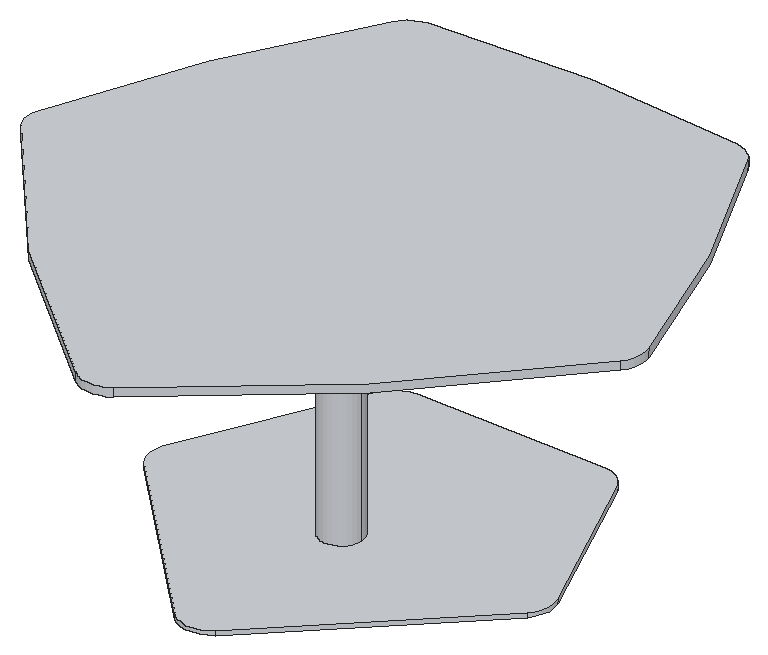
Revit family
Parameters (values of type "38.25"W x 38.25"D x 17.25"H")
  URL = "http://www.keilhauer.com/"
  Product Documentation Link = "http://www.keilhauer.com/products/lounge/talk"
  Model = "8726"
  Manufacturer = "Keilhauer, Corp."  # constant formula
  Keilhauer Talk Table [instance] = none
  Keilhauer Talk Glide [instance] = none
  Keilhauer Coarse [instance] = none
  Height = 17.25"
  Description = "Pentagon table"
  Copyright © = "© 2013 Keilhauer, Corp."  # constant formula
  Catalog = "TALK"  # constant formula
  Authoring Version = "Autodesk Revit Architecture 2011"  # constant formula
  Assembly Code = "E2020200"
Reference planes (in)
  plane 1 "Center (Front/Back)": y = 0
  plane 2: z = 0
  plane 3 "Center (Left/Right)": x = 0
  plane 4: x = -19.125
  plane 5: x = 19.125
  plane 6: y = 19.125
  plane 7: y = -19.125
  plane 8: z = 17.25
  plane 9: z = 16.75
  plane 10: z = 0.125
  plane 11: z = 0.375
  plane 12: z = 16.25
Forms (in)
  Extrusion 1, solid, detail levels fine
    sketch origin (0, 0, 0) x (1, 0, 0) y (0, 1, 0)
      loop
        arc (-18.70704, -1.79095) -> (-10.6632, -11.17583) -> (-1.2935, -19.23733) r 81.55613
        arc (-1.2935, -19.23733) -> (-0.11199, -19.62676) -> (1.07117, -19.24237) r 2
        arc (1.07117, -19.24237) -> (10.54566, -11.15299) -> (18.67992, -1.71699) r 81.69128
        arc (18.67992, -1.71699) -> (19.04249, -0.86059) -> (18.97855, 0.06719) r 2
        arc (18.97855, 0.06719) -> (15.55607, 9.08766) -> (11.09235, 17.64086) r 81.56
        arc (11.09235, 17.64086) -> (10.46374, 18.29135) -> (9.61284, 18.59835) r 2
        arc (9.61284, 18.59835) -> (0, 19.16683) -> (-9.61284, 18.59835) r 81.56
        arc (-9.61284, 18.59835) -> (-10.46374, 18.29135) -> (-11.09235, 17.64086) r 2
        arc (-11.09235, 17.64086) -> (-15.57316, 9.04955) -> (-19.00346, -0.01253) r 81.56
        arc (-19.00346, -0.01253) -> (-19.06702, -0.93704) -> (-18.70704, -1.79095) r 2
    from 16.75 to 17.25
  Extrusion 2, solid, detail levels fine
    sketch origin (0.09375, 0, -17.5) x (1, 0, 0) y (0, 1, 0)
      loop
        arc (12.24585, 1.26873) -> (10.06077, 6.67838) -> (7.46482, 11.90331) r 75.56
        arc (7.46482, 11.90331) -> (6.79602, 12.62398) -> (5.86463, 12.93889) r 2
        arc (5.86463, 12.93889) -> (0, 13.16683) -> (-5.86463, 12.93889) r 75.56
        arc (-5.86463, 12.93889) -> (-6.79602, 12.62398) -> (-7.46482, 11.90331) r 2
        arc (-7.46482, 11.90331) -> (-10.07938, 6.63696) -> (-12.27653, 1.18326) r 75.56
        arc (-12.27653, 1.18326) -> (-12.36653, 0.1798) -> (-11.95592, -0.74021) r 2
        arc (-11.95592, -0.74021) -> (-6.93594, -6.41172) -> (-1.37336, -11.55215) r 75.55613
        arc (-1.37336, -11.55215) -> (-0.09568, -12.0171) -> (1.18402, -11.55774) r 2
        arc (1.18402, -11.55774) -> (6.82951, -6.38133) -> (11.92296, -0.66086) r 75.69128
        arc (11.92296, -0.66086) -> (12.33645, 0.26176) -> (12.24585, 1.26873) r 2
    from 17.625 to 17.875
  Extrusion 3, solid, detail levels fine
    sketch origin (0, 0, 0) x (1, 0, 0) y (0, 1, 0)
      loop
        circle (0, -0.16387) r 1.25
    from 0.375 to 16.75
  Extrusion 4, solid, material <- "Keilhauer Coarse", detail levels medium
    sketch origin (0.09375, -0.625, -17.5) x (1, 0, 0) y (0, 1, 0)
      loop
        arc (12.24585, 1.26873) -> (10.06077, 6.67838) -> (7.46482, 11.90331) r 75.56
        arc (7.46482, 11.90331) -> (6.79602, 12.62398) -> (5.86463, 12.93889) r 2
        arc (5.86463, 12.93889) -> (0, 13.16683) -> (-5.86463, 12.93889) r 75.56
        arc (-5.86463, 12.93889) -> (-6.79602, 12.62398) -> (-7.46482, 11.90331) r 2
        arc (-7.46482, 11.90331) -> (-10.07938, 6.63696) -> (-12.27653, 1.18326) r 75.56
        arc (-12.27653, 1.18326) -> (-12.36653, 0.1798) -> (-11.95592, -0.74021) r 2
        arc (-11.95592, -0.74021) -> (-6.93594, -6.41172) -> (-1.37336, -11.55215) r 75.55613
        arc (-1.37336, -11.55215) -> (-0.09568, -12.0171) -> (1.18402, -11.55774) r 2
        arc (1.18402, -11.55774) -> (6.82951, -6.38133) -> (11.92296, -0.66086) r 75.69128
        arc (11.92296, -0.66086) -> (12.33645, 0.26176) -> (12.24585, 1.26873) r 2
    from 17.625 to 17.875
  Extrusion 5, solid, detail levels medium
    sketch origin (0, 0, 0) x (1, 0, 0) y (0, 1, 0)
      loop
        arc (-18.70704, -1.79095) -> (-10.6632, -11.17583) -> (-1.2935, -19.23733) r 81.55613
        arc (-1.2935, -19.23733) -> (-0.11199, -19.62676) -> (1.07117, -19.24237) r 2
        arc (1.07117, -19.24237) -> (10.54566, -11.15299) -> (18.67992, -1.71699) r 81.69128
        arc (18.67992, -1.71699) -> (19.04249, -0.86059) -> (18.97855, 0.06719) r 2
        arc (18.97855, 0.06719) -> (15.55607, 9.08766) -> (11.09235, 17.64086) r 81.56
        arc (11.09235, 17.64086) -> (10.46374, 18.29135) -> (9.61284, 18.59835) r 2
        arc (9.61284, 18.59835) -> (0, 19.16683) -> (-9.61284, 18.59835) r 81.56
        arc (-9.61284, 18.59835) -> (-10.46374, 18.29135) -> (-11.09235, 17.64086) r 2
        arc (-11.09235, 17.64086) -> (-15.57316, 9.04955) -> (-19.00346, -0.01253) r 81.56
        arc (-19.00346, -0.01253) -> (-19.06702, -0.93704) -> (-18.70704, -1.79095) r 2
    from 16.75 to 17.25
  Extrusion 6, solid, detail levels coarse+medium
    sketch origin (0, 0, 0) x (1, 0, 0) y (0, 1, 0)
      loop
        circle (0, -0.16387) r 1.25
    from 0.375 to 16.75
  Extrusion 7, solid, detail levels coarse
    sketch origin (0, 0, 0) x (1, 0, 0) y (0, 1, 0)
      loop
        line (-19.46164, -1.03493) -> (-0.11256, -20.4205) -> (19.43981, -0.9607) -> (10.66268, 18.59835) -> (-10.66327, 18.59835) -> (-19.46164, -1.03493)
    from 16.75 to 17.25
  Extrusion 8, solid, detail levels coarse
    sketch origin (0.09375, -0.625, -17.5) x (1, 0, 0) y (0, 1, 0)
      loop
        line (-7, 12.93889) -> (-12.76764, 0.0891) -> (-0.0963, -12.85689) -> (12.74043, 0.16863) -> (6.99925, 12.93889) -> (-7, 12.93889)
    from 17.625 to 17.875
  Extrusion 9, solid, detail levels fine
    sketch origin (0, 0, 0.15803) x (1, 0, 0) y (0, 1, 0)
      loop
        arc (-13.09259, -0.91642) -> (-7.55335, -7.21037) -> (-1.35906, -12.86084) r 76.55613
        arc (-1.35906, -12.86084) -> (-0.09848, -13.31166) -> (1.16405, -12.86633) r 2
        arc (1.16405, -12.86633) -> (7.44506, -7.1812) -> (13.0607, -0.83797) r 76.69128
        arc (13.0607, -0.83797) -> (13.46485, 0.07292) -> (13.37927, 1.06576) r 2
        arc (13.37927, 1.06576) -> (10.97676, 7.07969) -> (8.07459, 12.86906) r 76.56
        arc (8.07459, 12.86906) -> (7.4128, 13.57702) -> (6.49587, 13.89075) r 2
        arc (6.49587, 13.89075) -> (0, 14.16683) -> (-6.49587, 13.89075) r 76.56
        arc (-6.49587, 13.89075) -> (-7.4128, 13.57702) -> (-8.07459, 12.86906) r 2
        arc (-8.07459, 12.86906) -> (-10.9951, 7.03885) -> (-13.4089, 0.98126) r 76.56
        arc (-13.4089, 0.98126) -> (-13.49391, -0.00811) -> (-13.09259, -0.91642) r 2
    from 16.09197 to 16.59197
Cuts and joins
  joined: Extrusion 1, Extrusion 2, Extrusion 3, Extrusion 9
Lines and regions (in)
  Masking region 1
    outline origin (0, 0, 0) x (1, 0, 0) y (0, 1, 0)
      loop
        arc (-11.09235, 17.64086) -> (-15.57316, 9.04955) -> (-19.00346, -0.01253) r 81.56
        arc (-19.00346, -0.01253) -> (-19.06702, -0.93704) -> (-18.70704, -1.79095) r 2
        arc (-18.70704, -1.79095) -> (-10.6632, -11.17583) -> (-1.2935, -19.23733) r 81.55613
        arc (-1.2935, -19.23733) -> (-0.11199, -19.62676) -> (1.07117, -19.24237) r 2
        arc (1.07117, -19.24237) -> (10.54566, -11.15299) -> (18.67992, -1.71699) r 81.69128
        arc (18.67992, -1.71699) -> (19.04249, -0.86059) -> (18.97855, 0.06719) r 2
        arc (18.97855, 0.06719) -> (15.55607, 9.08766) -> (11.09235, 17.64086) r 81.56
        arc (11.09235, 17.64086) -> (10.46374, 18.29135) -> (9.61284, 18.59835) r 2
        arc (9.61284, 18.59835) -> (0, 19.16683) -> (-9.61284, 18.59835) r 81.56
        arc (-9.61284, 18.59835) -> (-10.46374, 18.29135) -> (-11.09235, 17.64086) r 2
Dimensions and locks (in)
  equal spacing: plane 7, plane 1 "Center (Front/Back)", plane 6
  equal spacing: plane 4, plane 3 "Center (Left/Right)", plane 5
  "Height": plane 8 to plane 2
  plane 8 to plane 9 = 0.50"
  locked: plane 11 to plane 10 at 0.25
  locked: plane 9 to plane 12 at 0.5
  plane 6 to plane 7 = 38.25"
  plane 4 to plane 5 = 38.25"
  aligned and locked: nested 1 to plane 3 "Center (Left/Right)"
  aligned and locked: plane 1 "Center (Front/Back)" to nested 1
  aligned and locked: Extrusion 1 to plane 9
  aligned and locked: plane 8 to Extrusion 1
  aligned and locked: plane 10 to Extrusion 2
  aligned and locked: plane 11 to Extrusion 2
  aligned and locked: Extrusion 3 to Extrusion 1
  aligned and locked: Extrusion 5 to cut or joined group of Extrusion 1, Extrusion 2, Extrusion 3, Extrusion 9  (x2)
  aligned and locked: Extrusion 7 to cut or joined group of Extrusion 1, Extrusion 2, Extrusion 3, Extrusion 9
  aligned and locked: cut or joined group of Extrusion 1, Extrusion 2, Extrusion 3, Extrusion 9 to Extrusion 7
  aligned and locked: Extrusion 6 to cut or joined group of Extrusion 1, Extrusion 2, Extrusion 3, Extrusion 9
Automatic sketch dimensions
  Extrusion 1 sketch curve to plane 3 "Center (Left/Right)" = 0.00"
  plane 3 "Center (Left/Right)" to Extrusion 1 sketch curve = 0.10773"
  Extrusion 1 sketch curve to plane 7 = 0.11233"
  plane 3 "Center (Left/Right)" to Extrusion 1 sketch curve = 1.2935"
  Extrusion 1 sketch curve to Extrusion 1 sketch curve = 0.00"  (x7)
  Extrusion 1 sketch curve to plane 6 = 2.51271"  (x2)
  plane 3 "Center (Left/Right)" to Extrusion 1 sketch curve = 9.37711"
  Extrusion 1 sketch curve to plane 6 = 0.52665"
  Extrusion 1 sketch curve to Extrusion 1 sketch curve = 0.23572"
  Extrusion 1 sketch curve to plane 6 = 1.48414"
  Extrusion 1 sketch curve to Extrusion 1 sketch curve = 1.47951"
  plane 1 "Center (Front/Back)" to Extrusion 1 sketch curve = 0.60821"
  plane 4 to Extrusion 1 sketch curve = 2.03077"
  plane 1 "Center (Front/Back)" to Extrusion 1 sketch curve = 1.79095"
  Extrusion 1 sketch curve to Extrusion 1 sketch curve = 1.6128"
  plane 1 "Center (Front/Back)" to Extrusion 1 sketch curve = 0.01253"
  Extrusion 1 sketch curve to plane 4 = 27.95655"
  Extrusion 1 sketch curve to plane 7 = 5.17936"
  Extrusion 1 sketch curve to plane 4 = 39.73"
  Extrusion 1 sketch curve to Extrusion 1 sketch curve = 1.1789"
  Extrusion 1 sketch curve to plane 3 "Center (Left/Right)" = 9.37711"
  plane 1 "Center (Front/Back)" to Extrusion 1 sketch curve = 0.53044"
  Extrusion 1 sketch curve to plane 5 = 2.05508"
  Extrusion 2 sketch curve to plane 7 = 5.17936"
  Extrusion 2 sketch curve to plane 4 = 39.63625"
  Extrusion 2 sketch curve to plane 4 = 27.8628"
  Extrusion 2 sketch curve to plane 1 "Center (Front/Back)" = 1.18326"
  plane 4 to Extrusion 2 sketch curve = 6.94222"
  Extrusion 2 sketch curve to Extrusion 2 sketch curve = 0.00"  (x9)
  Extrusion 2 sketch curve to Extrusion 2 sketch curve = 0.32061"
  Extrusion 2 sketch curve to plane 1 "Center (Front/Back)" = 0.50863"
  Extrusion 2 sketch curve to Extrusion 2 sketch curve = 1.88278"
  plane 3 "Center (Left/Right)" to Extrusion 2 sketch curve = 7.37107"
  Extrusion 2 sketch curve to Extrusion 2 sketch curve = 1.60019"  (x2)
  Extrusion 2 sketch curve to Extrusion 2 sketch curve = 0.15523"  (x2)
  plane 3 "Center (Left/Right)" to Extrusion 2 sketch curve = 1.27961"
  Extrusion 2 sketch curve to plane 3 "Center (Left/Right)" = 0.00244"
  Extrusion 2 sketch curve to plane 3 "Center (Left/Right)" = 0.09375"
  Extrusion 2 sketch curve to Extrusion 2 sketch curve = 1.27533"
  Extrusion 2 sketch curve to plane 3 "Center (Left/Right)" = 5.80315"
  Extrusion 2 sketch curve to plane 1 "Center (Front/Back)" = 0.59184"
  Extrusion 2 sketch curve to plane 5 = 8.66737"
  plane 1 "Center (Front/Back)" to Extrusion 2 sketch curve = 0.66086"
  Extrusion 3 sketch curve to plane 3 "Center (Left/Right)" = 0.00"
  plane 1 "Center (Front/Back)" to Extrusion 3 sketch curve = 0.16387"
  Extrusion 4 sketch curve to plane 7 = 5.80436"
  Extrusion 4 sketch curve to plane 4 = 39.63625"
  Extrusion 4 sketch curve to plane 4 = 27.8628"
  Extrusion 4 sketch curve to plane 1 "Center (Front/Back)" = 0.55826"
  plane 4 to Extrusion 4 sketch curve = 6.94222"
  Extrusion 4 sketch curve to Extrusion 4 sketch curve = 0.00"  (x9)
  Extrusion 4 sketch curve to Extrusion 4 sketch curve = 0.32061"
  plane 1 "Center (Front/Back)" to Extrusion 4 sketch curve = 0.11637"
  Extrusion 4 sketch curve to Extrusion 4 sketch curve = 1.88278"
  plane 3 "Center (Left/Right)" to Extrusion 4 sketch curve = 7.37107"
  Extrusion 4 sketch curve to Extrusion 4 sketch curve = 1.60019"  (x2)
  Extrusion 4 sketch curve to Extrusion 4 sketch curve = 0.15523"  (x2)
  plane 3 "Center (Left/Right)" to Extrusion 4 sketch curve = 1.27961"
  Extrusion 4 sketch curve to plane 3 "Center (Left/Right)" = 0.00244"
  Extrusion 4 sketch curve to plane 3 "Center (Left/Right)" = 0.09375"
  Extrusion 4 sketch curve to Extrusion 4 sketch curve = 1.27533"
  Extrusion 4 sketch curve to plane 3 "Center (Left/Right)" = 5.80315"
  plane 1 "Center (Front/Back)" to Extrusion 4 sketch curve = 0.03316"
  Extrusion 4 sketch curve to plane 5 = 8.66737"
  plane 1 "Center (Front/Back)" to Extrusion 4 sketch curve = 1.28586"
  Masking region 1 sketch curve to plane 3 "Center (Left/Right)" = 0.00"
  plane 3 "Center (Left/Right)" to Masking region 1 sketch curve = 0.10773"
  Masking region 1 sketch curve to plane 7 = 0.11233"
  plane 3 "Center (Left/Right)" to Masking region 1 sketch curve = 1.2935"
  Masking region 1 sketch curve to Masking region 1 sketch curve = 0.00"  (x8)
  Masking region 1 sketch curve to plane 6 = 2.51271"  (x2)
  plane 3 "Center (Left/Right)" to Masking region 1 sketch curve = 9.37711"
  Masking region 1 sketch curve to plane 6 = 0.52665"
  Masking region 1 sketch curve to Masking region 1 sketch curve = 0.23572"
  Masking region 1 sketch curve to Masking region 1 sketch curve = 1.47951"
  plane 1 "Center (Front/Back)" to Masking region 1 sketch curve = 0.60821"
  plane 4 to Masking region 1 sketch curve = 2.03077"
  plane 1 "Center (Front/Back)" to Masking region 1 sketch curve = 1.79095"
  Masking region 1 sketch curve to Masking region 1 sketch curve = 1.6128"
  plane 1 "Center (Front/Back)" to Masking region 1 sketch curve = 0.01253"
  Masking region 1 sketch curve to plane 4 = 27.95655"
  Masking region 1 sketch curve to plane 7 = 5.17936"
  Masking region 1 sketch curve to plane 4 = 39.73"
  Masking region 1 sketch curve to Masking region 1 sketch curve = 1.1789"
  Masking region 1 sketch curve to plane 3 "Center (Left/Right)" = 9.37711"
  plane 1 "Center (Front/Back)" to Masking region 1 sketch curve = 0.53044"
  Masking region 1 sketch curve to plane 5 = 2.05508"
  Extrusion 5 sketch curve to plane 3 "Center (Left/Right)" = 0.00"
  plane 3 "Center (Left/Right)" to Extrusion 5 sketch curve = 0.10773"
  Extrusion 5 sketch curve to plane 7 = 0.11233"
  plane 3 "Center (Left/Right)" to Extrusion 5 sketch curve = 1.2935"
  Extrusion 5 sketch curve to Extrusion 5 sketch curve = 0.00"  (x7)
  Extrusion 5 sketch curve to plane 6 = 2.51271"  (x2)
  plane 3 "Center (Left/Right)" to Extrusion 5 sketch curve = 9.37711"
  Extrusion 5 sketch curve to plane 6 = 0.52665"
  Extrusion 5 sketch curve to Extrusion 5 sketch curve = 0.23572"
  Extrusion 5 sketch curve to plane 6 = 1.48414"
  Extrusion 5 sketch curve to Extrusion 5 sketch curve = 1.47951"
  plane 1 "Center (Front/Back)" to Extrusion 5 sketch curve = 0.60821"
  plane 4 to Extrusion 5 sketch curve = 2.03077"
  plane 1 "Center (Front/Back)" to Extrusion 5 sketch curve = 1.79095"
  Extrusion 5 sketch curve to Extrusion 5 sketch curve = 1.6128"
  plane 1 "Center (Front/Back)" to Extrusion 5 sketch curve = 0.01253"
  Extrusion 5 sketch curve to plane 4 = 27.95655"
  Extrusion 5 sketch curve to plane 7 = 5.17936"
  Extrusion 5 sketch curve to plane 4 = 39.73"
  Extrusion 5 sketch curve to Extrusion 5 sketch curve = 1.1789"
  Extrusion 5 sketch curve to plane 3 "Center (Left/Right)" = 9.37711"
  plane 1 "Center (Front/Back)" to Extrusion 5 sketch curve = 0.53044"
  Extrusion 5 sketch curve to plane 5 = 2.05508"
  Extrusion 6 sketch curve to plane 3 "Center (Left/Right)" = 0.00"
  plane 1 "Center (Front/Back)" to Extrusion 6 sketch curve = 0.16387"
  Extrusion 7 sketch curve to plane 4 = 0.33664"
  Extrusion 7 sketch curve to plane 6 = 0.52665"
  plane 4 to Extrusion 7 sketch curve = 8.46173"
  plane 3 "Center (Left/Right)" to Extrusion 7 sketch curve = 0.11256"
  Extrusion 7 sketch curve to plane 5 = 8.46232"
  plane 5 to Extrusion 7 sketch curve = 0.31481"
  plane 1 "Center (Front/Back)" to Extrusion 7 sketch curve = 0.9607"
  plane 1 "Center (Front/Back)" to Extrusion 7 sketch curve = 1.03493"
  Extrusion 7 sketch curve to plane 7 = 1.2955"
  plane 1 "Center (Front/Back)" to Extrusion 8 sketch curve = 0.5359"
  plane 4 to Extrusion 8 sketch curve = 6.45111"
  plane 3 "Center (Left/Right)" to Extrusion 8 sketch curve = 6.90625"
  plane 3 "Center (Left/Right)" to Extrusion 8 sketch curve = 0.00255"
  Extrusion 8 sketch curve to plane 3 "Center (Left/Right)" = 7.093"
  plane 1 "Center (Front/Back)" to Extrusion 8 sketch curve = 0.45637"
  Extrusion 8 sketch curve to plane 5 = 6.29082"
  plane 7 to Extrusion 8 sketch curve = 5.64311"
  Extrusion 8 sketch curve to plane 6 = 6.81111"
  Extrusion 9 sketch curve to plane 3 "Center (Left/Right)" = 0.00"
  plane 3 "Center (Left/Right)" to Extrusion 9 sketch curve = 0.09413"
  plane 3 "Center (Left/Right)" to Extrusion 9 sketch curve = 1.35906"
  Extrusion 9 sketch curve to Extrusion 9 sketch curve = 0.00"  (x8)
  plane 3 "Center (Left/Right)" to Extrusion 9 sketch curve = 6.32617"
  Extrusion 9 sketch curve to Extrusion 9 sketch curve = 0.16969"  (x2)
  Extrusion 9 sketch curve to Extrusion 9 sketch curve = 1.57873"  (x2)
  Extrusion 9 sketch curve to plane 1 "Center (Front/Back)" = 0.32072"
  plane 4 to Extrusion 9 sketch curve = 7.60388"
  plane 1 "Center (Front/Back)" to Extrusion 9 sketch curve = 0.91642"
  Extrusion 9 sketch curve to Extrusion 9 sketch curve = 1.57146"
  Extrusion 9 sketch curve to plane 1 "Center (Front/Back)" = 0.98126"
  Extrusion 9 sketch curve to plane 4 = 27.95655"
  Extrusion 9 sketch curve to plane 7 = 5.17936"
  Extrusion 9 sketch curve to plane 4 = 39.73"
  Extrusion 9 sketch curve to Extrusion 9 sketch curve = 1.25818"
  Extrusion 9 sketch curve to plane 3 "Center (Left/Right)" = 6.32617"
  Extrusion 9 sketch curve to plane 1 "Center (Front/Back)" = 0.40301"
  Extrusion 9 sketch curve to plane 5 = 7.63273"
  plane 1 "Center (Front/Back)" to Extrusion 9 sketch curve = 0.83797"
  Extrusion 9 sketch curve to Extrusion 9 sketch curve = 0.31857"
  radius of Extrusion 3 sketch curve = 1.25"
  radius of Extrusion 6 sketch curve = 1.25"
Nested families (in)
  nested 1: "Furniture_Tag_Keilhauer" at (0, 0, 0), type "Center", detail levels fine
    with Offset (LR) 0.00"
Definition of nested family "Furniture_Tag_Keilhauer"
  Parameters (values of type "Center")
    P_Width = 0.00"
    Text_Width = "Empty"
    Text_Height = "Empty"
    Text_Diameter = "Empty"
    Text_Depth = "Empty"
    Offset (LR) [instance] = 0.00"
    Model Name = "Empty"
    P_Height = 0.00"
    Distance of Center (not Change) = 0.00"
    P_Diameter = 0.00"
    P_Depth = 0.00"
  Types (2): name | Distance of Center (not Change)
    Center | 0.00"
    Offset | 0.09843"
  Reference planes (in)
    plane 1: y = 0
    plane 2: x = 0
  Lines and regions (in)
    reference lines
      curve 1: line (-0.44359, 0, 0) -> (0.41085, 0, 0)
      curve 3: line (0, 0.32564, 0) -> (0, -0.40221, 0)
    reference lines, not visible
      curve 2: line (-0.44359, 0.09843, 0) -> (0.41085, 0.09843, 0)
      curve 4: line (0, 0.42407, 0) -> (0, -0.30379, 0)
  Text (in)
    label "Empty" at (0.00197, -0.0079, 0), shows "Model Name"
    label "Empty" at (0.00197, 0.09052, 0), shows "Model Name", not visible
  Dimensions and locks (in)
    "Distance of Center (not Change)": plane 1 to curve 1
    "Offset (LR)": curve 3 to plane 2
  Automatic sketch dimensions
    curve 1 to curve 3 = 0.44359"
    curve 3 to curve 1 = 0.41085"
    curve 3 to curve 1 = 0.40221"
    curve 1 to curve 3 = 0.32564"
    curve 2 to curve 4 = 0.44359"
    curve 4 to curve 2 = 0.41085"
    curve 4 to curve 2 = 0.40221"
    curve 2 to curve 4 = 0.32564"
